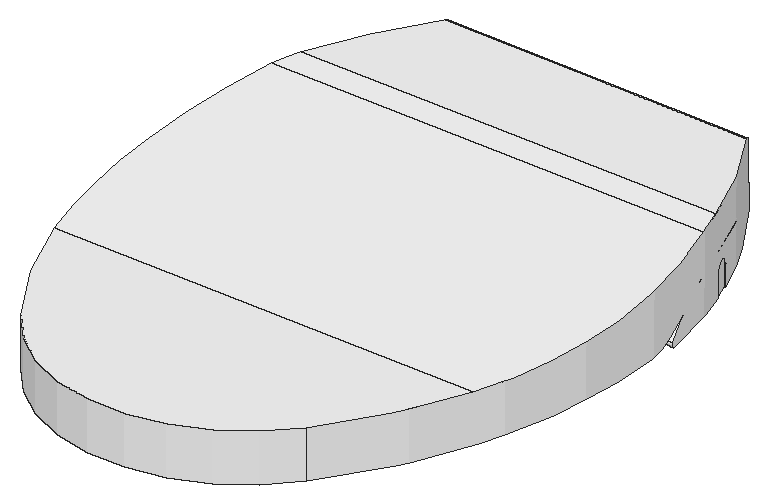
Revit family "Toilet_Seat-American_Standard-Aquawash-5900A.05GT", category Specialty Equipment, Revit 2014
Parameters (values of type "5900A.05GT")
  Width = 14 9/16"  # constant formula
  Warranty Information = "1 Year Limited Warranty"
  URL = "https://www.americanstandard-us.com/"
  Product Page URL = "https://www.americanstandard-us.com/bathroom/toilet-seats-bidet-seats/aquawash-manual-spalet-seat-with-telescoping-lid-32460"
  Product Documentation Link = "https://www.americanstandard-us.com/-/media/sites/asus/files/product-specs/spalet-bidet-seats/aquawash-spalet-bidet-seat/specsheet-5900a05gt.pdf?la=en"
  Price = "Prices may vary. Please consult Manufacturer Representative for most up-to-date price list."  # constant formula
  Model = "5900A.05GT"
  Material = "Plastic-American Standard-020-White"
  Manufacturer = "American Standard"  # constant formula
  Length = 19 11/16"  # constant formula
  Installation Type = "Surface Mounted"
  Hole Location = 5 1/2"  # constant formula
  Height = 2 7/16"  # constant formula
  Description = "American Standard Aquawash Manual Spalet Seat With Telescoping Lid"  # constant formula
  Default Elevation = 0"
  Creation Date = "09/11/2017"  # constant formula
  Assembly Code = "C1030200"
Reference planes (in)
  plane 1 "Center (Front/Back)": y = 0
  plane 2: z = 0
  plane 3 "Center (Left/Right)": x = 0
  plane 4: x = 7.28125
  plane 5: x = -7.28125
  plane 6: y = -19.6875
  plane 7: z = 0.1875
  plane 8: z = 2.4375
Forms (in)
  Extrusion 1, solid, material "Plastic-American Standard-020-White"
    sketch origin (0, 0, 0) x (0, 1, 0) y (0, 0, 1)
      loop
        arc (-0.51973, 2.36533) -> (-0.56585, 2.41792) -> (-0.63302, 2.4375) r 0.125
        line (-0.63302, 2.4375) -> (-4.03615, 2.4375)
        arc (-4.03615, 2.4375) -> (-4.43503, 2.42154) -> (-4.83136, 2.37376) r 4.99262
        arc (-4.83136, 2.37376) -> (-9.16723, 1.85109) -> (-13.531, 1.67649) r 54.61999
        line (-13.531, 1.67649) -> (-20.31166, 1.67649) -> (-20.31166, 0.1875) -> (-7.45219, 0.1875)
        arc (-7.45219, 0.1875) -> (-6.82855, 0.28205) -> (-6.26097, 0.55722) r 2.1039
        arc (-6.26097, 0.55722) -> (-5.32781, 1.03785) -> (-4.30415, 1.27007) r 4.16755
        line (-4.30415, 1.27007) -> (-0.40142, 1.27007)
        arc (-0.40142, 1.27007) -> (-0.19057, 1.38574) -> (-0.17484, 1.62572) r 0.25
        line (-0.17484, 1.62572) -> (-0.51973, 2.36533)
    from -7.28125 to 7.28125
  Extrusion 2, solid, material "Plastic-American Standard-020-White"
    sketch origin (0, 0, 0) x (0, 1, 0) y (0, 0, 1)
      loop
        line (0, 0) -> (-0.14533, 1.66112)
        arc (-0.14533, 1.66112) -> (-0.27517, 1.93956) -> (-0.55361, 2.0694) r 0.44913
        line (-0.55361, 2.0694) -> (-0.55361, 1.95461)
        arc (-0.55361, 1.95461) -> (-0.40047, 1.62593) -> (-0.55361, 1.29725) r 0.42928
        line (-0.55361, 1.29725) -> (-0.55361, 1.19676) -> (-4.34787, 1.19676)
        arc (-4.34787, 1.19676) -> (-5.53668, 0.92055) -> (-6.48193, 0.1485) r 2.69642
        arc (-6.48193, 0.1485) -> (-6.49172, 0.05153) -> (-6.40899, 0) r 0.09216
        line (-6.40899, 0) -> (0, 0)
    from -7.28125 to 7.28125
  Extrusion 3, void
    sketch origin (0, 0, 0) x (1, 0, 0) y (0, 1, 0)
      loop
        arc (-4.00745, 0.27814) -> (-7.27679, -8.50795) -> (-4.44839, -17.44574) r 14.40808
        arc (-4.44839, -17.44574) -> (0, -19.6857) -> (4.44839, -17.44574) r 5.53707
        arc (4.44839, -17.44574) -> (7.27679, -8.50795) -> (4.00745, 0.27814) r 14.40808
        line (4.00745, 0.27814) -> (-4.00745, 0.27814)
      loop
        line (-8.05083, 0.96173) -> (-8.05083, -20.49766) -> (7.94917, -20.49766) -> (7.94917, 0.96173) -> (-8.05083, 0.96173)
    from 0 to 2.6735
  Extrusion 4, void
    sketch origin (-0.84103, -2.84127, 0) x (-0.390731, 0.920505, 0) y (0, 0, 1)
      loop
        line (-3.17863, 0) -> (-3.17863, 0.63039)
        arc (-3.17863, 0.63039) -> (-3.48997, 0.94172) -> (-3.8013, 0.63039) r 0.31134
        line (-3.8013, 0.63039) -> (-3.8013, 0) -> (-3.17863, 0)
    from 6.23899 to 6.30471
  Revolve 5, solid, material "Plastic-American Standard-Grey"
    sketch origin (0, 0, 0.57766) x (-1, 0, 0) y (0, 1, 0)
      loop
        line (5.55666, -1.16781) -> (5.15014, -1.41456) -> (5.36942, -1.88481) -> (5.78182, -1.53876) -> (5.55666, -1.16781)
      axis (5.1018, -1.4439) -> (5.55666, -1.16781)
    angle from 0 to 360
  Revolve 6, solid, material "Chrome-American Standard-Polished"
    sketch origin (0, 0, 0.57766) x (-1, 0, 0) y (0, 1, 0)
      loop
        line (6.63299, -3.15165) -> (6.11547, -3.37133) -> (6.28044, -3.75996) -> (6.78645, -3.51317) -> (6.63299, -3.15165)
      axis (6.63299, -3.15165) -> (6.11547, -3.37133)
    angle from 0 to 360
  Extrusion 7, solid, material "Chrome-American Standard-Polished"
    sketch origin (-0.00098, 0.02094, 0) x (-1, 0, 0) y (0, -1, 0)
      loop
        line (6.69904, 3.38784) -> (7.13262, 4.23878)
        arc (7.13262, 4.23878) -> (7.076, 4.41302) -> (6.90177, 4.35641) r 0.12954
        line (6.90177, 4.35641) -> (6.46819, 3.50546) -> (6.69904, 3.38784)
    from 0.37862 to 0.71
  Extrusion 8, solid, material "Plastic-American Standard-020-White"
    sketch origin (0, 0, 0) x (1, 0, 0) y (0, 1, 0)
      loop
        spline (-6.60777, -8.60055) -> (-6.57954, -8.72996) -> (-6.49677, -8.85055) -> (-6.36511, -8.9541) -> (-6.19352, -9.03356) -> (-5.9937, -9.08351) -> (-5.77927, -9.10055) -> (-5.56484, -9.08351) -> (-5.36502, -9.03356) -> (-5.19343, -8.9541) -> (-5.06177, -8.85055) -> (-4.979, -8.72996) -> (-4.95077, -8.60055)
        spline (-4.95077, -8.60055) -> (-4.979, -8.47114) -> (-5.06177, -8.35055) -> (-5.19343, -8.24699) -> (-5.36502, -8.16753) -> (-5.56484, -8.11758) -> (-5.77927, -8.10055) -> (-5.9937, -8.11758) -> (-6.19352, -8.16753) -> (-6.36511, -8.24699) -> (-6.49677, -8.35055) -> (-6.57954, -8.47114) -> (-6.60777, -8.60055)
      loop
        spline (6.60777, -8.60055) -> (6.57954, -8.47114) -> (6.49677, -8.35055) -> (6.36511, -8.24699) -> (6.19352, -8.16753) -> (5.9937, -8.11758) -> (5.77927, -8.10055) -> (5.56484, -8.11758) -> (5.36502, -8.16753) -> (5.19343, -8.24699) -> (5.06177, -8.35055) -> (4.979, -8.47114) -> (4.95077, -8.60055)
        spline (4.95077, -8.60055) -> (4.979, -8.72996) -> (5.06177, -8.85055) -> (5.19343, -8.9541) -> (5.36502, -9.03356) -> (5.56484, -9.08351) -> (5.77927, -9.10055) -> (5.9937, -9.08351) -> (6.19352, -9.03356) -> (6.36511, -8.9541) -> (6.49677, -8.85055) -> (6.57954, -8.72996) -> (6.60777, -8.60055)
      loop
        spline (-4.91105, -15.9418) -> (-4.82288, -16.04064) -> (-4.69154, -16.10501) -> (-4.52599, -16.13051) -> (-4.3375, -16.11541) -> (-4.13892, -16.06073) -> (-3.94378, -15.97021) -> (-3.76539, -15.85002) -> (-3.6159, -15.70833) -> (-3.50549, -15.55482) -> (-3.4417, -15.39994) -> (-3.42886, -15.25424) -> (-3.46785, -15.12766)
        spline (-3.46785, -15.12766) -> (-3.55603, -15.02882) -> (-3.68736, -14.96445) -> (-3.85292, -14.93895) -> (-4.04141, -14.95405) -> (-4.23999, -15.00873) -> (-4.43512, -15.09924) -> (-4.61351, -15.21944) -> (-4.76301, -15.36112) -> (-4.87341, -15.51464) -> (-4.93721, -15.66952) -> (-4.95005, -15.81522) -> (-4.91105, -15.9418)
      loop
        spline (4.91105, -15.9418) -> (4.95005, -15.81522) -> (4.93721, -15.66952) -> (4.87341, -15.51464) -> (4.76301, -15.36112) -> (4.61351, -15.21944) -> (4.43512, -15.09924) -> (4.23999, -15.00873) -> (4.04141, -14.95405) -> (3.85292, -14.93895) -> (3.68736, -14.96445) -> (3.55603, -15.02882) -> (3.46785, -15.12766)
        spline (3.46785, -15.12766) -> (3.42886, -15.25424) -> (3.4417, -15.39994) -> (3.50549, -15.55482) -> (3.6159, -15.70833) -> (3.76539, -15.85002) -> (3.94378, -15.97021) -> (4.13892, -16.06073) -> (4.3375, -16.11541) -> (4.52599, -16.13051) -> (4.69154, -16.10501) -> (4.82288, -16.04064) -> (4.91105, -15.9418)
    from 0 to 0.1875
Cuts and joins
  Extrusion 3, Extrusion 4 cuts Extrusion 1
  Extrusion 3, Extrusion 4 cuts Extrusion 2
  joined: Extrusion 1, Extrusion 2
  joined: Revolve 6, Extrusion 7
Lines and regions (in)
  Masking region 1
    outline origin (0, 0, 0) x (1, 0, 0) y (0, 1, 0)
      loop
        line (4.23018, 0) -> (-4.23018, 0)
        arc (-4.23018, 0) -> (-4.58047, -0.46796) -> (-4.91148, -0.94974) r 14.40808
        line (-4.91148, -0.94974) -> (-5.33151, -0.79686) -> (-5.78182, -1.53876) -> (-5.4426, -1.8234)
        arc (-5.4426, -1.8234) -> (-5.7412, -2.38504) -> (-6.01472, -2.95931) r 14.40808
        line (-6.01472, -2.95931) -> (-6.47954, -2.79013) -> (-6.84583, -3.65307) -> (-7.13359, -4.21784)
        arc (-7.13359, -4.21784) -> (-7.07698, -4.39207) -> (-6.90275, -4.33546) r 0.12954
        line (-6.90275, -4.33546) -> (-6.54401, -3.63141) -> (-6.33723, -3.73677)
        arc (-6.33723, -3.73677) -> (-7.14641, -10.83287) -> (-4.44839, -17.44574) r 14.40808
        arc (-4.44839, -17.44574) -> (0, -19.6857) -> (4.44839, -17.44574) r 5.53707
        arc (4.44839, -17.44574) -> (7.28012, -8.68609) -> (4.23018, 0) r 14.40808
  symbolic lines, detail levels medium+fine
    curve 1: arc (-6.33723, -3.73677, 0) -> (-6.18165, -3.34569, 0) -> (-6.01472, -2.95931, 0) r 14.40808
    curve 2: arc (-5.4426, -1.8234, 0) -> (-5.18479, -1.38186, 0) -> (-4.91148, -0.94974, 0) r 14.40808
  symbolic lines, detail levels fine
    curve 3: line (-4.49421, -0.349, 0) -> (4.49421, -0.349, 0)
Dimensions and locks (in)
  "Length": plane 6 to plane 1 "Center (Front/Back)"
  "Width": plane 5 to plane 4
  "Height": plane 8 to plane 2
  aligned and locked: level to plane 2
Automatic sketch dimensions
  curve 1 to curve 2 = 0"  (x2)
  curve 2 to plane 4 = 0.15442"
  plane 1 "Center (Front/Back)" to curve 2 = 8.86629"
  plane 1 "Center (Front/Back)" to curve 3 = 0.349"
  curve 3 to plane 4 = 2.78704"
  curve 3 to plane 5 = 2.78704"
  curve 2 to curve 3 = 0.41727"
  curve 2 to curve 2 = 0.53111"
  curve 1 to plane 5 = 1.26653"
  curve 1 to curve 1 = 0.32251"
  plane 1 "Center (Front/Back)" to curve 1 = 3.73677"
  curve 1 to curve 2 = 1.13591"
  Extrusion 1 sketch curve to plane 7 = 0"
  Extrusion 1 sketch curve to plane 8 = 0"
  plane 6 to Extrusion 1 sketch curve = 0.62416"
  Extrusion 1 sketch curve to plane 8 = 0.76101"
  Extrusion 1 sketch curve to plane 6 = 6.1565"
  Extrusion 1 sketch curve to Extrusion 1 sketch curve = 6.07881"
  plane 7 to Extrusion 1 sketch curve = 1.08257"
  Extrusion 1 sketch curve to Extrusion 1 sketch curve = 3.14804"
  Extrusion 1 sketch curve to Extrusion 1 sketch curve = 0.268"
  Extrusion 1 sketch curve to Extrusion 1 sketch curve = 0.13483"
  plane 1 "Center (Front/Back)" to Extrusion 1 sketch curve = 0.63302"
  Extrusion 1 sketch curve to plane 8 = 0.07217"
  Extrusion 1 sketch curve to Extrusion 1 sketch curve = 29/256"
  plane 1 "Center (Front/Back)" to Extrusion 1 sketch curve = 0.40142"
  plane 1 "Center (Front/Back)" to Extrusion 1 sketch curve = 0.17484"
  Extrusion 1 sketch curve to level = 2.55512"
  Extrusion 1 sketch curve to Extrusion 1 sketch curve = 0.32284"
  Extrusion 1 sketch curve to Extrusion 1 sketch curve = 1/4"
  Extrusion 1 sketch curve to plane 8 = 0.1461"
  plane 8 to Extrusion 1 sketch curve = 53.85899"
  Extrusion 2 sketch curve to level = 0"
  Extrusion 2 sketch curve to plane 1 "Center (Front/Back)" = 0"
  plane 1 "Center (Front/Back)" to Extrusion 2 sketch curve = 0.14533"
  Extrusion 2 sketch curve to Extrusion 2 sketch curve = 0.40828"
  plane 1 "Center (Front/Back)" to Extrusion 2 sketch curve = 0.55361"
  Extrusion 2 sketch curve to Extrusion 2 sketch curve = 0.03914"  (x2)
  Extrusion 2 sketch curve to Extrusion 2 sketch curve = 0.237"
  plane 7 to Extrusion 2 sketch curve = 1.00926"
  Extrusion 2 sketch curve to Extrusion 2 sketch curve = 3.51811"
  level to Extrusion 2 sketch curve = 0.09216"
  Extrusion 2 sketch curve to Extrusion 2 sketch curve = 2.06112"
  Extrusion 2 sketch curve to level = 1.49967"
  Extrusion 2 sketch curve to Extrusion 2 sketch curve = 0.1005"
  Extrusion 2 sketch curve to Extrusion 2 sketch curve = 0.32472"
  Extrusion 2 sketch curve to Extrusion 2 sketch curve = 0.00396"
  Extrusion 3 sketch curve to plane 3 "Center (Left/Right)" = 0"
  Extrusion 3 sketch curve to plane 1 "Center (Front/Back)" = 0.27814"
  Extrusion 3 sketch curve to plane 5 = 3.2738"
  Extrusion 3 sketch curve to plane 5 = 0.15442"
  plane 5 to Extrusion 3 sketch curve = 0.76958"
  Extrusion 3 sketch curve to plane 4 = 3.2738"
  Extrusion 3 sketch curve to plane 4 = 0.15442"
  plane 4 to Extrusion 3 sketch curve = 0.66792"
  plane 1 "Center (Front/Back)" to Extrusion 3 sketch curve = 8.86629"  (x2)
  Extrusion 3 sketch curve to plane 6 = 5.53887"
  plane 6 to Extrusion 3 sketch curve = 0.81016"
  Extrusion 3 sketch curve to plane 1 "Center (Front/Back)" = 0.96173"
  Extrusion 3 sketch curve to Extrusion 3 sketch curve = 0"
  level to Extrusion 4 sketch curve = 0"
  Extrusion 4 sketch curve to Extrusion 4 sketch curve = 0.31134"
  plane 7 to Extrusion 4 sketch curve = 0.44289"
  plane 5 to Revolve 5 sketch curve = 2.13111"
  Revolve 5 sketch curve to Revolve 5 sketch curve = 0.21928"
  Revolve 5 sketch curve to Revolve 5 sketch curve = 0.40652"
  Revolve 5 sketch curve to Revolve 5 sketch curve = 0.22516"
  Revolve 5 sketch curve to plane 1 "Center (Front/Back)" = 1.88481"
  Revolve 5 sketch curve to Revolve 5 sketch curve = 0.34604"
  Revolve 5 sketch curve to Revolve 5 sketch curve = 0.47025"
  Revolve 5 sketch curve to Revolve 5 sketch curve = 0.03983"
  Revolve 5 sketch curve to Revolve 5 sketch curve = 0.17332"
  Revolve 5 sketch curve to Revolve 5 sketch curve = 0.02418"
  Revolve 5 sketch curve to Revolve 5 sketch curve = 0.1052"
  plane 5 to Revolve 6 sketch curve = 1.16578"
  Revolve 6 sketch curve to Revolve 6 sketch curve = 0.16497"
  Revolve 6 sketch curve to Revolve 6 sketch curve = 0.51752"
  Revolve 6 sketch curve to Revolve 6 sketch curve = 0.15346"
  Revolve 6 sketch curve to plane 1 "Center (Front/Back)" = 3.75996"
  Revolve 6 sketch curve to Revolve 6 sketch curve = 0.2468"
  Revolve 6 sketch curve to Revolve 6 sketch curve = 0.09912"
  Revolve 6 sketch curve to Revolve 6 sketch curve = 0.07374"
  Revolve 6 sketch curve to Revolve 6 sketch curve = 0.04207"
  Revolve 6 sketch curve to Revolve 6 sketch curve = 0.0313"
  plane 5 to Extrusion 7 sketch curve = 0.81208"
  Extrusion 7 sketch curve to Extrusion 7 sketch curve = 0.23085"
  plane 5 to Extrusion 7 sketch curve = 0.3785"
  Extrusion 7 sketch curve to Extrusion 7 sketch curve = 0.11542"  (x2)
  Extrusion 7 sketch curve to plane 1 "Center (Front/Back)" = 4.33546"
  Extrusion 7 sketch curve to Extrusion 7 sketch curve = 0.05881"
  Extrusion 8 sketch curve to plane 5 = 0.67348"
  Extrusion 8 sketch curve to plane 6 = 3.7457"  (x2)
  Extrusion 8 sketch curve to Extrusion 8 sketch curve = 0.8285"
  Extrusion 8 sketch curve to plane 5 = 2.3702"
  Extrusion 8 sketch curve to Extrusion 8 sketch curve = 0.7216"  (x2)
  Extrusion 8 sketch curve to plane 4 = 3.0918"
  Extrusion 8 sketch curve to plane 4 = 1.50198"
  Extrusion 8 sketch curve to plane 4 = 0.67348"
  Extrusion 8 sketch curve to Extrusion 8 sketch curve = 6.93418"  (x2)
  Masking region 1 sketch curve to Masking region 1 sketch curve = 0"  (x7)
  plane 1 "Center (Front/Back)" to Masking region 1 sketch curve = 0"
  Masking region 1 sketch curve to plane 3 "Center (Left/Right)" = 0"
  Masking region 1 sketch curve to plane 5 = 3.05107"
  plane 1 "Center (Front/Back)" to Masking region 1 sketch curve = 0.94974"
  Masking region 1 sketch curve to Masking region 1 sketch curve = 0.6813"
  plane 1 "Center (Front/Back)" to Masking region 1 sketch curve = 51/64"
  Masking region 1 sketch curve to Masking region 1 sketch curve = 0.42003"
  Masking region 1 sketch curve to Masking region 1 sketch curve = 0.53111"
  Masking region 1 sketch curve to Masking region 1 sketch curve = 0.33922"
  Masking region 1 sketch curve to plane 5 = 1.26653"
  Masking region 1 sketch curve to Masking region 1 sketch curve = 0.32251"
  Masking region 1 sketch curve to Masking region 1 sketch curve = 0.46481"
  Masking region 1 sketch curve to Masking region 1 sketch curve = 0.20679"
  Masking region 1 sketch curve to Masking region 1 sketch curve = 0.30181"
  Masking region 1 sketch curve to plane 5 = 0.3785"
  Masking region 1 sketch curve to Masking region 1 sketch curve = 0.11542"  (x2)
  Masking region 1 sketch curve to plane 5 = 0.15442"
  Masking region 1 sketch curve to plane 4 = 3.05107"
  Masking region 1 sketch curve to plane 4 = 0.15442"
  Masking region 1 sketch curve to plane 6 = 5.53887"
  Masking region 1 sketch curve to Masking region 1 sketch curve = 7.91655"
  Masking region 1 sketch curve to Masking region 1 sketch curve = 3.5386"
  Masking region 1 sketch curve to Masking region 1 sketch curve = 0.05881"
  Masking region 1 sketch curve to Masking region 1 sketch curve = 0.59869"
  Masking region 1 sketch curve to Masking region 1 sketch curve = 0.02166"
  Masking region 1 sketch curve to Masking region 1 sketch curve = 0.77746"
  Masking region 1 sketch curve to Masking region 1 sketch curve = 0.16918"
  Masking region 1 sketch curve to Masking region 1 sketch curve = 0.28464"
